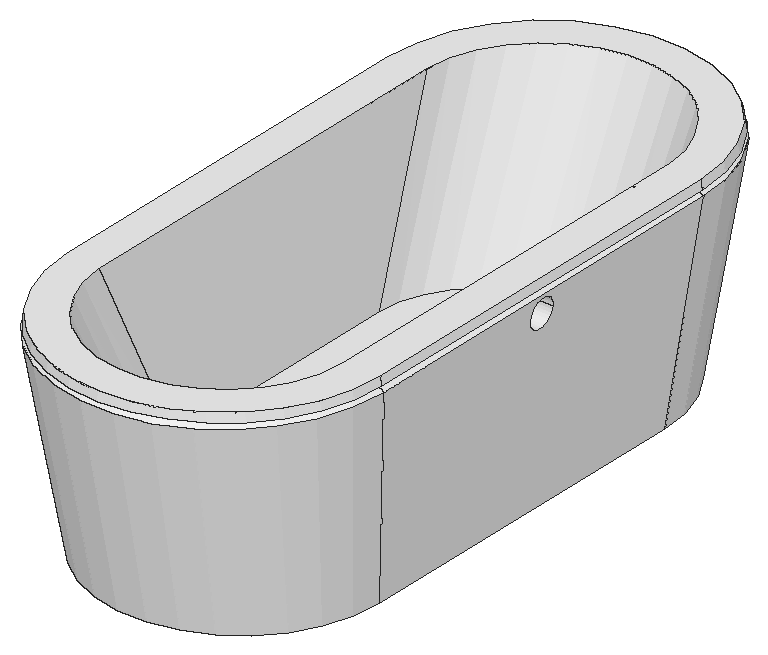
Revit family "Bathtub_Transitional_Nexus_FBF794S_TOTO", category Plumbing Fixtures, host Face, Revit 2013
Parameters
  ecoScorecard_data = " "
  ecoScorecard Product Page = "  "
  Width = 29 17/32"
  Waste Connection Radius = Waste Connection NPT / 2  # 1 1/2"
  Waste Connection NPT = 3"
  Waste Connection = yes
  Warranty URL = "http://www.totousa.com/warranty-registration"
  Warranty = "Lifetime Limited Warranty"
  WFU = 0
  Vent Connection = yes
  URL = "http://www.totousa.com"
  Toto BIM Number = "BM-00157"  # constant formula
  Subcategory = "Bathtubs"  # constant formula
  Style = "Transitional"  # constant formula
  Spec Sheet URL = "http://assets.totousa.com/product-files/SS-00472_FBF794S.pdf"
  Shipping Weight = 390.00 lbf
  Series = "Nexus"  # constant formula
  Product Page URL = " "
  Parts Manual URL = " "
  Owners Manual URL = "  "
  Model = "FBF794S#01D"  # constant formula
  Manufacturer Toll Free Phone = "1-888-295-8134"  # constant formula
  Manufacturer Phone = "(770) 282-8686 "  # constant formula
  Manufacturer Fax = "(770) 282-0002"  # constant formula
  Manufacturer Email = "mailto:custservice@totousa.com "
  Manufacturer Address = "1155 Southern Road, Morrow, Georgia 30260"  # constant formula
  Manufacturer = "TOTO USA, Inc."  # constant formula
  Height = 21 1/8"
  HWFU = 0
  HW Connection = no
  Finish = Metal - TOTO - Chrome - Polished
  Description = "Cast Iron Bathtub"  # constant formula
  Depth = 66 15/16"
  Default Elevation = 0"
  Cost Info = "mailto:custservice@totousa.com "
  Color Availability = "#01  Cotton"
  CWFU = 0
  CW Connection = no
  CAD Drawing URL = "http://assets.totousa.com/product-files/AD-00333_FBF794S.dxf"
  Bottom Plate = Metal - TOTO - LifeKoat - Brass - Polished
  Assembly Code = "D2010510"
  95 CSI = "15410"
  04 CSI = "22 41 19"
Reference planes (in)
  plane 1 "Center (Front/Back)": y = 0
  plane 2: z = 0
  plane 3 "Center (Left/Right)": x = 0
Dimensions and locks (in)
  aligned and locked: plane 2 to host face
  aligned and locked: level to host face
  aligned and locked: plane 3 "Center (Left/Right)" to nested 1
  aligned and locked: plane 1 "Center (Front/Back)" to nested 1
Nested families (in)
  nested 1: "FBF794S" at (0, 0, 0), type "FBF794S"
Connectors (in)
  piping at (0, 0, 0.59055), driven by "Waste Connection Radius"
    settings: on nested 1, index 1, connector radius 1 1/2", flow factor 0, pipe flow 0 GPM, pressure drop 0.00 psi, fitting loss kfactor 0, connector angle 0.00°, fixture units 0, engagement length 0", flow configuration 3, flow direction 2, fitting loss method 0, system type 16, joint type 0, gender type 0, connector reference index -1, connector utility 0, adjustable connector no, is connector primary yes, fitting loss table "", connector description "Waste Outlet Connection"
Definition of nested family "FBF794S"
  Parameters (values of type "FBF794S")
    ecoScorecard_data = ""
    ecoScorecard Product Page = ""
    Waste Connection Radius = Waste Connection NPT / 2  # 1 1/2"
    Waste Connection NPT = 3"
    Waste Connection = yes
    WFU = 0
    Vent Connection = yes
    URL = "http://www.totousa.com"
    Toto Version = "V.01"  # constant formula
    Toto BIM Number = "BM-00157"  # constant formula
    Subcategory = "Baths"  # constant formula
    Shipping Weight = 390.00 lbf
    Series = "Nexus"  # constant formula
    Product URL = "http://www.totousa.com/Default.aspx?TabId=75&ProductId=0f62a304-6f03-4786-b3a1-ed82694f167b&SearchId=2b23fb16-8c35-4b42-bd24-70517483f004&PTab=2&STab=0"
    Nominal Width = 29.52756"  # constant formula
    Nominal Length = 66.92913"  # constant formula
    Nominal Height = 21.12598"  # constant formula
    Model = "FBF794S#01D"  # constant formula
    Manufacturer = "TOTO USA, Inc."  # constant formula
    HWFU = 0
    HW Connection = no
    Finish = Metal - TOTO - Chrome - Polished
    Description = "Cast Iron Bathtub"
    Default Elevation = 0"
    CWFU = 0
    CW Connection = no
    CADworks URL = "http://www.CADworks.net"
    Assembly Code = "D2010510"
  Reference planes (in)
    plane 1 "Center (Front/Back)": y = 0
    plane 2: z = 0
    plane 3 "Center (Left/Right)": x = 0
    plane 4: x = -14.76378
    plane 5: x = 14.76378
    plane 6: y = 33.46457
    plane 7 "Wall Closure": y = -33.46457
    plane 8: z = 21.12598
    plane 9: z = 0.59055
    plane 10: z = 20.33858
    plane 11: z = 19.84252
    plane 12: z = 4.3937
    plane 13: z = 0.35433
    plane 14: z = 4.19685
    plane 15: z = 18.17323
  Forms (in)
    Extrusion 1, solid
      sketch origin (0, 0, 0) x (1, 0, 0) y (0, 1, 0)
        loop
          line (-48, 48) -> (-48, -48) -> (48, -48) -> (48, 48) -> (-48, 48)
      from 0 to -12
    Blend 2, solid, material "Metal - TOTO - Chrome - Polished" <- "Finish", detail levels medium+fine
      base sketch origin (-49.94318, -180, 20.33858) x (-1, 0, 0) y (0, -1, 0)
        loop
          arc (-35.1794, -161.29921) -> (-49.94318, -146.53543) -> (-64.70696, -161.29921) r 14.76378
          line (-64.70696, -161.29921) -> (-64.70696, -198.70079)
          arc (-64.70696, -198.70079) -> (-49.94318, -213.46457) -> (-35.1794, -198.70079) r 14.76378
          line (-35.1794, -198.70079) -> (-35.1794, -161.29921)
      top sketch origin (-49.94318, -180, 20.33858) x (-1, 0, 0) y (0, -1, 0)
        loop
          arc (-64.54948, -198.70079) -> (-49.94318, -213.30709) -> (-35.33688, -198.70079) r 14.6063
          line (-35.33688, -198.70079) -> (-35.33688, -161.29921)
          arc (-35.33688, -161.29921) -> (-49.94318, -146.69291) -> (-64.54948, -161.29921) r 14.6063
          line (-64.54948, -161.29921) -> (-64.54948, -198.70079)
      from 0 to 0.7874
    Blend 3, solid, material "Metal - TOTO - Chrome - Polished" <- "Finish", detail levels medium+fine
      base sketch origin (-49.94318, -180, 19.84252) x (-1, 0, 0) y (0, -1, 0)
        loop
          line (-35.06129, -198.70079) -> (-35.06129, -161.29921)
          arc (-35.06129, -161.29921) -> (-49.94318, -146.41732) -> (-64.82507, -161.29921) r 14.88189
          line (-64.82507, -161.29921) -> (-64.82507, -198.70079)
          arc (-64.82507, -198.70079) -> (-49.94318, -213.58268) -> (-35.06129, -198.70079) r 14.88189
      top sketch origin (-49.94318, -180, 19.84252) x (-1, 0, 0) y (0, -1, 0)
        loop
          arc (-64.19908, -198.70079) -> (-49.94318, -212.95669) -> (-35.68727, -198.70079) r 14.25591
          line (-35.68727, -198.70079) -> (-35.68727, -161.29921)
          arc (-35.68727, -161.29921) -> (-49.94318, -147.04331) -> (-64.19908, -161.29921) r 14.25591
          line (-64.19908, -161.29921) -> (-64.19908, -198.70079)
      from 0 to 0.49606
    Blend 4, solid, material "Metal - TOTO - Chrome - Polished" <- "Finish", detail levels medium+fine
      base sketch origin (-49.94318, -180, 0.59055) x (-1, 0, 0) y (0, -1, 0)
        loop
          line (-37.06916, -196.61417) -> (-37.06916, -163.38583)
          arc (-37.06916, -163.38583) -> (-49.94318, -150.51181) -> (-62.81719, -163.38583) r 12.87402
          line (-62.81719, -163.38583) -> (-62.81719, -196.61417)
          arc (-62.81719, -196.61417) -> (-49.94318, -209.48819) -> (-37.06916, -196.61417) r 12.87402
      top sketch origin (-49.94318, -180, 0.59055) x (-1, 0, 0) y (0, -1, 0)
        loop
          line (-35.06129, -198.70079) -> (-35.06129, -161.29921)
          arc (-35.06129, -161.29921) -> (-49.94318, -146.41732) -> (-64.82507, -161.29921) r 14.88189
          line (-64.82507, -161.29921) -> (-64.82507, -198.70079)
          arc (-64.82507, -198.70079) -> (-49.94318, -213.58268) -> (-35.06129, -198.70079) r 14.88189
      from 0 to 19.25197
    Blend 5, void
      base sketch origin (-49.94318, -180, 4.3937) x (0, -1, 0) y (1, 0, 0)
        loop
          arc (-191.89764, 39.88412) -> (-180, 39.7109) -> (-168.10236, 39.88412) r 408.66231
          arc (-168.10236, 39.88412) -> (-158.33202, 49.94318) -> (-168.10236, 60.00223) r 10.06332
          arc (-168.10236, 60.00223) -> (-180, 60.17546) -> (-191.89764, 60.00223) r 408.66231
          arc (-191.89764, 60.00223) -> (-201.66798, 49.94318) -> (-191.89764, 39.88412) r 10.06332
      top sketch origin (-49.94318, -180, 4.3937) x (0, -1, 0) y (1, 0, 0)
        loop
          arc (-199.11417, 61.28964) -> (-209.92217, 49.94318) -> (-199.11417, 38.59672) r 11.35987
          arc (-199.11417, 38.59672) -> (-180, 38.13216) -> (-160.88583, 38.59672) r 393.4497
          arc (-160.88583, 38.59672) -> (-150.07783, 49.94318) -> (-160.88583, 61.28964) r 11.35987
          arc (-160.88583, 61.28964) -> (-180, 61.7542) -> (-199.11417, 61.28964) r 393.4497
      from 0 to 16.73228
    Blend 6, solid, material "Metal - TOTO - Chrome - Polished" <- "Finish", detail levels medium+fine
      base sketch origin (-49.94318, -180, 0.35433) x (-1, 0, 0) y (0, -1, 0)
        loop
          circle (-42.06916, -196.73228) r 0.73819
      top sketch origin (-49.94318, -180, 0.35433) x (-1, 0, 0) y (0, -1, 0)
        loop
          circle (-42.06916, -196.73228) r 0.98425
      from 0 to 0.23622
    Blend 7, solid, material "Metal - TOTO - Chrome - Polished" <- "Finish", detail levels medium+fine
      base sketch origin (49.94318, -180, 0.35433) x (1, 0, 0) y (0, 1, 0)
        loop
          circle (-42.06916, 196.73228) r 0.73819
      top sketch origin (49.94318, -180, 0.35433) x (1, 0, 0) y (0, 1, 0)
        loop
          circle (-42.06916, 196.73228) r 0.98425
      from 0 to 0.23622
    Blend 8, solid, material "Metal - TOTO - Chrome - Polished" <- "Finish", detail levels medium+fine
      base sketch origin (-49.94318, 180, 0.35433) x (-1, 0, 0) y (0, -1, 0)
        loop
          circle (-42.06916, 196.73228) r 0.73819
      top sketch origin (-49.94318, 180, 0.35433) x (-1, 0, 0) y (0, -1, 0)
        loop
          circle (-42.06916, 196.73228) r 0.98425
      from 0 to 0.23622
    Blend 9, solid, material "Metal - TOTO - Chrome - Polished" <- "Finish", detail levels medium+fine
      base sketch origin (49.94318, 180, 0.35433) x (1, 0, 0) y (0, 1, 0)
        loop
          circle (-42.06916, -196.73228) r 0.73819
      top sketch origin (49.94318, 180, 0.35433) x (1, 0, 0) y (0, 1, 0)
        loop
          circle (-42.06916, -196.73228) r 0.98425
      from 0 to 0.23622
    Extrusion 10, solid, material "Metal - TOTO - Chrome - Polished" <- "Finish", detail levels medium+fine
      sketch origin (0, 0, 0) x (1, 0, 0) y (0, 1, 0)
        loop
          circle (-7.87402, 16.73228) r 0.73819
        loop
          circle (7.87402, 16.73228) r 0.73819
        loop
          circle (-7.87402, -16.73228) r 0.73819
        loop
          circle (7.87402, -16.73228) r 0.73819
      from 0 to 0.35433
    Blend 11, void
      base sketch origin (-49.94318, -180, 4.3937) x (0, -1, 0) y (1, 0, 0)
        loop
          arc (-191.79528, 43.43053) -> (-180, 43.24874) -> (-168.20472, 43.43053) r 382.76826
          arc (-168.20472, 43.43053) -> (-161.88976, 49.94318) -> (-168.20472, 56.45583) r 6.51575
          arc (-168.20472, 56.45583) -> (-180, 56.63762) -> (-191.79528, 56.45583) r 382.76826
          arc (-191.79528, 56.45583) -> (-198.11024, 49.94318) -> (-191.79528, 43.43053) r 6.51575
      top sketch origin (-49.94318, -180, 4.3937) x (0, -1, 0) y (1, 0, 0)
        loop
          arc (-179.42938, 47.97358) -> (-177.46276, 49.94318) -> (-179.42938, 51.91278) r 1.9696
          arc (-179.42938, 51.91278) -> (-180, 51.91321) -> (-180.57062, 51.91278) r 378.04385
          arc (-180.57062, 51.91278) -> (-182.53724, 49.94318) -> (-180.57062, 47.97358) r 1.9696
          arc (-180.57062, 47.97358) -> (-180, 47.97315) -> (-179.42938, 47.97358) r 378.04385
      from 0 to -0.19685
    Extrusion 12, void
      sketch origin (-49.94318, -180, 4.3937) x (0, -1, 0) y (-1, 0, 0)
        loop
          circle (-180, -49.94318) r 1.5
      from 0 to 3.80315
    Blend 13, void
      base sketch origin (-49.94318, -180, 4.3937) x (0, -1, 0) y (1, 0, 0)
        loop
          circle (-180, 49.94318) r 3.14961
      top sketch origin (-49.94318, -180, 4.3937) x (0, -1, 0) y (1, 0, 0)
        loop
          circle (-180, 49.94318) r 1.5
      from 0 to -0.59055
    Extrusion 14, void
      sketch origin (0, 0, 0) x (0, 1, 0) y (0, 0, 1)
        loop
          circle (0, 18.17323) r 1.37795
      from 0 to 15.74803
    Extrusion 15, solid, material "Metal - TOTO - Chrome - Polished" <- "Finish", detail levels coarse
      sketch origin (-49.94318, -180, 21.12598) x (-1, 0, 0) y (0, -1, 0)
        loop
          arc (-64.82507, -198.70079) -> (-49.94318, -213.58268) -> (-35.06129, -198.70079) r 14.88189
          line (-35.06129, -198.70079) -> (-35.06129, -161.29921)
          arc (-35.06129, -161.29921) -> (-49.94318, -146.41732) -> (-64.82507, -161.29921) r 14.88189
          line (-64.82507, -161.29921) -> (-64.82507, -198.70079)
      from 0 to -21.12598
  Cuts and joins
    Blend 5, Blend 11, Extrusion 12, Blend 13, Extrusion 14 cuts Blend 2
    Blend 5, Blend 11, Extrusion 12, Blend 13, Extrusion 14 cuts Blend 3
    Blend 5, Blend 11, Extrusion 12, Blend 13, Extrusion 14 cuts Blend 4
    joined: Blend 2, Blend 3, Blend 4
  Lines and regions (in)
    symbolic lines
      curve 1: arc (14.88189, 18.70079, 21.12598) -> (0, 33.58268, 21.12598) -> (-14.88189, 18.70079, 21.12598) r 14.88189
      curve 2: line (-14.88189, 18.70079, 21.12598) -> (-14.88189, -18.70079, 21.12598)
      curve 3: arc (-14.88189, -18.70079, 21.12598) -> (0, -33.58268, 21.12598) -> (14.88189, -18.70079, 21.12598) r 14.88189
      curve 4: line (14.88189, -18.70079, 21.12598) -> (14.88189, 18.70079, 21.12598)
    symbolic lines, detail levels medium+fine
      curve 5: arc (14.76378, -18.70079, 21.12598) -> (0, -33.46457, 21.12598) -> (-14.76378, -18.70079, 21.12598) r 14.76378
      curve 6: arc (-14.6063, -18.70079, 21.12598) -> (0, -33.30709, 21.12598) -> (14.6063, -18.70079, 21.12598) r 14.6063
      curve 7: line (-14.6063, 18.70079, 21.12598) -> (-14.6063, -18.70079, 21.12598)
      curve 8: line (-14.76378, -18.70079, 21.12598) -> (-14.76378, 18.70079, 21.12598)
      curve 9: arc (11.34646, -19.11417, 21.12598) -> (0, -29.92217, 21.12598) -> (-11.34646, -19.11417, 21.12598) r 11.35987
      curve 10: arc (-11.34646, -19.11417, 21.12598) -> (-11.81102, 0, 21.12598) -> (-11.34646, 19.11417, 21.12598) r 393.4497
      curve 11: line (14.76378, 18.70079, 21.12598) -> (14.76378, -18.70079, 21.12598)
      curve 12: line (14.6063, -18.70079, 21.12598) -> (14.6063, 18.70079, 21.12598)
      curve 13: arc (11.34646, 19.11417, 21.12598) -> (11.81102, 0, 21.12598) -> (11.34646, -19.11417, 21.12598) r 393.4497
      curve 14: arc (-10.05906, -11.89764, 21.12598) -> (0, -21.66798, 21.12598) -> (10.05906, -11.89764, 21.12598) r 10.06332
      curve 15: arc (10.05906, -11.89764, 21.12598) -> (10.23228, 0, 21.12598) -> (10.05906, 11.89764, 21.12598) r 408.66231
      curve 16: line (11.54842, -1.36508, 21.12598) -> (11.54419, 1.37018, 21.12598)
      curve 17: spline (11.54419, 1.37018, 21.12598) -> (11.57591, 1.29673, 21.12598) -> (11.60499, 1.14754, 21.12598) -> (11.62971, 0.93133, 21.12598) -> (11.64865, 0.66073, 21.12598) -> (11.66069, 0.35153, 21.12598) -> (11.66513, 0.02181, 21.12598) -> (11.66171, -0.30919, 21.12598) -> (11.65064, -0.62213, 21.12598) -> (11.63255, -0.89874, 21.12598) -> (11.6085, -1.12285, 21.12598) -> (11.5799, -1.28139, 21.12598) -> (11.54842, -1.36508, 21.12598)
      curve 18: arc (10.05906, 11.89764, 21.12598) -> (0, 21.66798, 21.12598) -> (-10.05906, 11.89764, 21.12598) r 10.06332
      curve 19: arc (-6.51265, 11.79528, 21.12598) -> (0, 18.11024, 21.12598) -> (6.51265, 11.79528, 21.12598) r 6.51575
      curve 20: arc (6.51265, 11.79528, 21.12598) -> (6.69444, 0, 21.12598) -> (6.51265, -11.79528, 21.12598) r 382.76826
      curve 21: spline (2.2446, 1.37682, 21.12598) -> (2.1156, 1.55743, 21.12598) -> (1.97225, 1.72688, 21.12598) -> (1.81551, 1.88404, 21.12598) -> (1.64644, 2.02785, 21.12598) -> (1.46616, 2.15734, 21.12598) -> (1.27588, 2.27166, 21.12598) -> (1.07689, 2.37002, 21.12598) -> (0.87052, 2.45177, 21.12598) -> (0.65815, 2.51637, 21.12598) -> (0.44121, 2.56337, 21.12598) -> (0.22115, 2.59247, 21.12598) -> (-0.00054, 2.60347, 21.12598)
      curve 22: spline (-0.00054, 2.60347, 21.12598) -> (-0.22215, 2.59243, 21.12598) -> (-0.44212, 2.56329, 21.12598) -> (-0.65897, 2.51626, 21.12598) -> (-0.87124, 2.45165, 21.12598) -> (-1.07751, 2.36988, 21.12598) -> (-1.2764, 2.27152, 21.12598) -> (-1.46657, 2.15721, 21.12598) -> (-1.64676, 2.02773, 21.12598) -> (-1.81575, 1.88394, 21.12598) -> (-1.9724, 1.72681, 21.12598) -> (-2.11568, 1.55738, 21.12598) -> (-2.24461, 1.37681, 21.12598)
      curve 23: spline (-2.2446, -1.37682, 21.12598) -> (-2.37544, -1.17027, 21.12598) -> (-2.48442, -0.95138, 21.12598) -> (-2.5704, -0.72246, 21.12598) -> (-2.63247, -0.48592, 21.12598) -> (-2.66997, -0.24425, 21.12598) -> (-2.68252, -0.00001, 21.12598) -> (-2.66997, 0.24424, 21.12598) -> (-2.63247, 0.4859, 21.12598) -> (-2.5704, 0.72245, 21.12598) -> (-2.48442, 0.95137, 21.12598) -> (-2.37544, 1.17026, 21.12598) -> (-2.24461, 1.37681, 21.12598)
      curve 24: spline (-2.2446, -1.37682, 21.12598) -> (-2.1156, -1.55743, 21.12598) -> (-1.97225, -1.72688, 21.12598) -> (-1.81551, -1.88404, 21.12598) -> (-1.64644, -2.02785, 21.12598) -> (-1.46616, -2.15734, 21.12598) -> (-1.27588, -2.27166, 21.12598) -> (-1.07689, -2.37002, 21.12598) -> (-0.87052, -2.45177, 21.12598) -> (-0.65815, -2.51637, 21.12598) -> (-0.44121, -2.56337, 21.12598) -> (-0.22115, -2.59247, 21.12598) -> (0.00054, -2.60347, 21.12598)
      curve 25: spline (0.00054, -2.60347, 21.12598) -> (0.22215, -2.59243, 21.12598) -> (0.44212, -2.56329, 21.12598) -> (0.65897, -2.51626, 21.12598) -> (0.87124, -2.45165, 21.12598) -> (1.07751, -2.36988, 21.12598) -> (1.2764, -2.27152, 21.12598) -> (1.46657, -2.15721, 21.12598) -> (1.64676, -2.02773, 21.12598) -> (1.81575, -1.88394, 21.12598) -> (1.9724, -1.72681, 21.12598) -> (2.11568, -1.55738, 21.12598) -> (2.24461, -1.37681, 21.12598)
      curve 26: spline (2.2446, 1.37682, 21.12598) -> (2.37544, 1.17027, 21.12598) -> (2.48442, 0.95138, 21.12598) -> (2.5704, 0.72246, 21.12598) -> (2.63247, 0.48592, 21.12598) -> (2.66997, 0.24425, 21.12598) -> (2.68252, 0.00001, 21.12598) -> (2.66997, -0.24424, 21.12598) -> (2.63247, -0.4859, 21.12598) -> (2.5704, -0.72245, 21.12598) -> (2.48442, -0.95137, 21.12598) -> (2.37544, -1.17026, 21.12598) -> (2.24461, -1.37681, 21.12598)
      curve 27: arc (0, -1.5, 21.12598) -> (-1.5, 0, 21.12598) -> (0, 1.5, 21.12598) r 1.5
      curve 28: arc (0, 1.5, 21.12598) -> (1.5, 0, 21.12598) -> (0, -1.5, 21.12598) r 1.5
      curve 29: arc (-6.51265, -11.79528, 21.12598) -> (-6.69444, 0, 21.12598) -> (-6.51265, 11.79528, 21.12598) r 382.76826
      curve 30: arc (6.51265, -11.79528, 21.12598) -> (0, -18.11024, 21.12598) -> (-6.51265, -11.79528, 21.12598) r 6.51575
      curve 31: arc (-10.05906, 11.89764, 21.12598) -> (-10.23228, 0, 21.12598) -> (-10.05906, -11.89764, 21.12598) r 408.66231
      curve 32: arc (-11.34646, 19.11417, 21.12598) -> (0, 29.92217, 21.12598) -> (11.34646, 19.11417, 21.12598) r 11.35987
      curve 33: arc (14.6063, 18.70079, 21.12598) -> (0, 33.30709, 21.12598) -> (-14.6063, 18.70079, 21.12598) r 14.6063
      curve 34: arc (-14.76378, 18.70079, 21.12598) -> (0, 33.46457, 21.12598) -> (14.76378, 18.70079, 21.12598) r 14.76378
      curve 39: line (14.6063, 0, 21.12598) -> (-14.6063, 0, 21.12598)
      curve 40: line (-14.76378, 0, 20.33858) -> (14.76378, 0, 20.33858)
      curve 41: line (14.88189, 0, 19.84252) -> (-14.88189, 0, 19.84252)
      curve 42: line (-12.87402, 0, 0.59055) -> (12.87402, 0, 0.59055)
      curve 43: line (-14.6063, 0, 21.12598) -> (-14.76378, 0, 20.33858)
      curve 44: line (-14.25591, 0, 20.33858) -> (-14.88189, 0, 19.84252)
      curve 45: line (-14.88189, 0, 19.84252) -> (-12.87402, 0, 0.59055)
      curve 46: line (12.87402, 0, 0.59055) -> (14.88189, 0, 19.84252)
      curve 47: line (14.25591, 0, 20.33858) -> (14.88189, 0, 19.84252)
      curve 48: line (14.6063, 0, 21.12598) -> (14.76378, 0, 20.33858)
      curve 49: line (7.13583, 0, 0.35433) -> (8.6122, 0, 0.35433)
      curve 50: line (8.6122, 0, 0.35433) -> (8.85827, 0, 0.59055)
      curve 51: line (8.6122, 0, 0.35433) -> (8.6122, 0, 0)
      curve 52: line (8.6122, 0, 0) -> (7.13583, 0, 0)
      curve 53: line (7.13583, 0, 0) -> (7.13583, 0, 0.35433)
      curve 54: line (7.13583, 0, 0.35433) -> (6.88976, 0, 0.59055)
      curve 55: line (-7.13583, 0, 0.35433) -> (-8.6122, 0, 0.35433)
      curve 56: line (-8.6122, 0, 0.35433) -> (-8.85827, 0, 0.59055)
      curve 57: line (-8.6122, 0, 0.35433) -> (-8.6122, 0, 0)
      curve 58: line (-8.6122, 0, 0) -> (-7.13583, 0, 0)
      curve 59: line (-7.13583, 0, 0) -> (-7.13583, 0, 0.35433)
      curve 60: line (-7.13583, 0, 0.35433) -> (-6.88976, 0, 0.59055)
      curve 65: line (0, 33.30709, 21.12598) -> (0, -33.30709, 21.12598)
      curve 66: line (0, -33.46457, 20.33858) -> (0, 33.46457, 20.33858)
      curve 67: line (0, -29.48819, 0.59055) -> (0, 29.48819, 0.59055)
      curve 68: line (0, -33.58268, 19.84252) -> (0, 33.58268, 19.84252)
      curve 69: line (0, 33.58268, 19.84252) -> (0, 29.48819, 0.59055)
      curve 70: line (0, 33.30709, 21.12598) -> (0, 33.46457, 20.33858)
      curve 71: line (0, 33.58268, 19.84252) -> (0, 32.96386, 20.33858)
      curve 72: line (0, -33.58268, 19.84252) -> (0, -32.96468, 20.33858)
      curve 73: line (0, -33.46457, 20.33858) -> (0, -33.30709, 21.12598)
      curve 74: line (0, -33.58268, 19.84252) -> (0, -29.48819, 0.59055)
      curve 75: line (0, -15.99409, 0.35433) -> (0, -17.47047, 0.35433)
      curve 76: line (0, -15.99409, 0) -> (0, -15.99409, 0.35433)
      curve 77: line (0, -17.47047, 0) -> (0, -15.99409, 0)
      curve 78: line (0, -17.47047, 0.35433) -> (0, -17.47047, 0)
      curve 79: line (0, -17.47047, 0.35433) -> (0, -17.70669, 0.59055)
      curve 80: line (0, -15.99409, 0.35433) -> (0, -15.75787, 0.59055)
      curve 81: line (0, 15.99409, 0.35433) -> (0, 17.47047, 0.35433)
      curve 82: line (0, 15.99409, 0) -> (0, 15.99409, 0.35433)
      curve 83: line (0, 17.47047, 0) -> (0, 15.99409, 0)
      curve 84: line (0, 17.47047, 0.35433) -> (0, 17.47047, 0)
      curve 85: line (0, 17.47047, 0.35433) -> (0, 17.70669, 0.59055)
      curve 86: line (0, 15.99409, 0.35433) -> (0, 15.75787, 0.59055)
    symbolic lines, detail levels coarse
      curve 35: line (-14.88189, 0, 21.12598) -> (14.88189, 0, 21.12598)
      curve 36: line (-14.88189, 0, 0) -> (-14.88189, 0, 21.12598)
      curve 37: line (14.88189, 0, 0) -> (-14.88189, 0, 0)
      curve 38: line (14.88189, 0, 21.12598) -> (14.88189, 0, 0)
      curve 61: line (0, 33.58268, 21.12598) -> (0, -33.58268, 21.12598)
      curve 62: line (0, 33.58268, 0) -> (0, 33.58268, 21.12598)
      curve 63: line (0, -33.58268, 0) -> (0, 33.58268, 0)
      curve 64: line (0, -33.58268, 21.12598) -> (0, -33.58268, 0)
  Dimensions and locks (in)
    "Nominal Width": plane 4 to plane 5
    equal spacing: plane 4, plane 3 "Center (Left/Right)", plane 5
    "Nominal Length": plane 6 to plane 7 "Wall Closure"
    equal spacing: plane 6, plane 1 "Center (Front/Back)", plane 7 "Wall Closure"
    "Nominal Height": plane 8 to plane 2
    locked: plane 8 to plane 9 at 20.53543
    locked: plane 8 to plane 10 at 0.7874
    locked: plane 10 to plane 11 at 0.49606
    Blend 2 sketch curve to plane 1 "Center (Front/Back)" to Blend 2 sketch curve = 18.70079" locked, 18.70079" locked  (x4)
    Blend 2 sketch curve to plane 3 "Center (Left/Right)" to Blend 2 sketch curve = 14.76378" locked, 14.76378" locked
    Blend 2 sketch curve to plane 3 "Center (Left/Right)" to Blend 2 sketch curve = 14.6063" locked, 14.6063" locked
    Blend 3 sketch curve to plane 1 "Center (Front/Back)" to Blend 3 sketch curve = 18.70079" locked, 18.70079" locked  (x4)
    Blend 3 sketch curve to plane 3 "Center (Left/Right)" to Blend 3 sketch curve = 14.88189" locked, 14.88189" locked
    Blend 3 sketch curve to plane 3 "Center (Left/Right)" to Blend 3 sketch curve = 14.25591" locked, 14.25591" locked
    locked: plane 8 to plane 12 at 16.73228
    Blend 4 sketch curve to plane 1 "Center (Front/Back)" to Blend 4 sketch curve = 16.61417" locked, 16.61417" locked  (x2)
    Blend 4 sketch curve to plane 3 "Center (Left/Right)" to Blend 4 sketch curve = 12.87402" locked, 12.87402" locked
    Blend 4 sketch curve to plane 1 "Center (Front/Back)" to Blend 4 sketch curve = 18.70079" locked, 18.70079" locked  (x2)
    Blend 4 sketch curve to plane 3 "Center (Left/Right)" to Blend 4 sketch curve = 14.88189" locked, 14.88189" locked
    locked: plane 9 to plane 13 at 0.23622
    locked: plane 1 "Center (Front/Back)" to Blend 6 sketch curve at 16.73228  (x2)
    locked: Blend 6 sketch curve to plane 3 "Center (Left/Right)" at 7.87402  (x2)
    locked: plane 3 "Center (Left/Right)" to Blend 7 sketch curve at 7.87402  (x2)
    locked: plane 1 "Center (Front/Back)" to Blend 7 sketch curve at 16.73228  (x2)
    locked: Blend 8 sketch curve to plane 3 "Center (Left/Right)" at 7.87402  (x2)
    locked: Blend 8 sketch curve to plane 1 "Center (Front/Back)" at 16.73228  (x2)
    locked: plane 3 "Center (Left/Right)" to Blend 9 sketch curve at 7.87402  (x2)
    locked: Blend 9 sketch curve to plane 1 "Center (Front/Back)" at 16.73228  (x2)
    Extrusion 10 sketch curve to plane 1 "Center (Front/Back)" to Extrusion 10 sketch curve = 16.73228" locked, 16.73228" locked  (x2)
    Extrusion 10 sketch curve to plane 3 "Center (Left/Right)" to Extrusion 10 sketch curve = 7.87402" locked, 7.87402" locked  (x2)
    Blend 5 sketch curve to plane 1 "Center (Front/Back)" to Blend 5 sketch curve = 11.89764" locked, 11.89764" locked  (x2)
    Blend 5 sketch curve to plane 3 "Center (Left/Right)" to Blend 5 sketch curve = 10.05906" locked, 10.05906" locked  (x2)
    Blend 5 sketch curve to plane 1 "Center (Front/Back)" to Blend 5 sketch curve = 19.11417" locked, 19.11417" locked  (x2)
    Blend 5 sketch curve to plane 3 "Center (Left/Right)" to Blend 5 sketch curve = 11.34646" locked, 11.34646" locked  (x2)
    locked: plane 12 to plane 14 at 0.19685
    locked: plane 8 to plane 15 at 2.95276
    locked: Extrusion 12 sketch curve to plane 3 "Center (Left/Right)" at 0
    locked: Extrusion 12 sketch curve to plane 1 "Center (Front/Back)" at 0
    locked: plane 12 to cut or joined group of Blend 2, Blend 3, Blend 4, Blend 5, Blend 11, Extrusion 12, Blend 13, Extrusion 14 at 0.59055
    locked: plane 14 to cut or joined group of Blend 2, Blend 3, Blend 4, Blend 5, Blend 11, Extrusion 12, Blend 13, Extrusion 14 at 0.3937
    locked: Blend 13 sketch curve to plane 3 "Center (Left/Right)" at 0  (x2)
    locked: Blend 13 sketch curve to plane 1 "Center (Front/Back)" at 0  (x2)
    Blend 11 sketch curve to plane 1 "Center (Front/Back)" to Blend 11 sketch curve = 11.79528" locked, 11.79528" locked  (x2)
    Blend 11 sketch curve to plane 3 "Center (Left/Right)" to Blend 11 sketch curve = 6.51265" locked, 6.51265" locked  (x2)
    equal spacing: Blend 11 sketch curve, plane 1 "Center (Front/Back)", Blend 11 sketch curve
    Blend 11 sketch curve to plane 1 "Center (Front/Back)" to Blend 11 sketch curve = 0.57062" locked, 0.57062" locked
    Blend 11 sketch curve to plane 3 "Center (Left/Right)" to Blend 11 sketch curve = 1.9696" locked, 1.9696" locked  (x2)
    locked: Extrusion 14 sketch curve to plane 1 "Center (Front/Back)" at 0
    locked: Extrusion 14 sketch curve to plane 15
    locked: cut or joined group of Blend 2, Blend 3, Blend 4, Blend 5, Blend 11, Extrusion 12, Blend 13, Extrusion 14 to plane 3 "Center (Left/Right)" at 15.74803
    locked: plane 5 to cut or joined group of Blend 2, Blend 3, Blend 4, Blend 5, Blend 11, Extrusion 12, Blend 13, Extrusion 14 at 0.98425
    radius of Blend 2 sketch curve = 14.76378"  (x2)
    radius of Blend 2 sketch curve = 14.6063"  (x2)
    radius of Blend 3 sketch curve = 14.88189"  (x2)
    radius of Blend 3 sketch curve = 14.25591"  (x2)
    radius of Blend 4 sketch curve = 12.87402"  (x2)
    radius of Blend 4 sketch curve = 14.88189"  (x2)
    radius of Blend 6 sketch curve = 0.73819"
    radius of Blend 6 sketch curve = 0.98425"
    radius of Blend 7 sketch curve = 0.73819"
    radius of Blend 7 sketch curve = 0.98425"
    radius of Blend 8 sketch curve = 0.73819"
    radius of Blend 8 sketch curve = 0.98425"
    radius of Blend 9 sketch curve = 0.73819"
    radius of Blend 9 sketch curve = 0.98425"
    radius of Extrusion 10 sketch curve = 0.73819"  (x4)
    radius of Blend 5 sketch curve = 10.06332"  (x2)
    radius of Blend 5 sketch curve = 408.66231"  (x2)
    radius of Blend 5 sketch curve = 11.35987"  (x2)
    radius of Blend 5 sketch curve = 393.4497"  (x2)
    "Waste Connection Radius": radius of Extrusion 12 sketch curve
    radius of Blend 13 sketch curve = 3.14961"
    "Waste Connection Radius": radius of Blend 13 sketch curve
    radius of Blend 11 sketch curve = 6.51575"  (x2)
    radius of Blend 11 sketch curve = 382.76826"  (x2)
    radius of Blend 11 sketch curve = 1.9696"  (x2)
    radius of Blend 11 sketch curve = 378.04385"  (x2)
    radius of Extrusion 14 sketch curve = 1.37795"
    aligned and locked: plane 2 to Extrusion 1
    aligned and locked: level to Extrusion 1
    aligned and locked: plane 8 to Blend 2
    aligned and locked: Blend 2 to plane 10
    aligned and locked: plane 10 to Blend 3
    aligned and locked: Blend 3 to plane 11
    aligned and locked: plane 11 to Blend 4
    aligned and locked: Blend 4 to plane 9
    aligned and locked: plane 8 to Blend 5
    aligned and locked: cut or joined group of Blend 2, Blend 3, Blend 4, Blend 5, Blend 11, Extrusion 12, Blend 13, Extrusion 14 to plane 12
    aligned and locked: plane 9 to Blend 6
    aligned and locked: Blend 6 to plane 13
    aligned and locked: plane 9 to Blend 7
    aligned and locked: Blend 7 to plane 13
    aligned and locked: plane 9 to Blend 8
    aligned and locked: Blend 8 to plane 13
    aligned and locked: plane 9 to Blend 9
    aligned and locked: Blend 9 to plane 13
    aligned and locked: plane 13 to Extrusion 10
    aligned and locked: Extrusion 10 to plane 2
    aligned and locked: plane 12 to cut or joined group of Blend 2, Blend 3, Blend 4, Blend 5, Blend 11, Extrusion 12, Blend 13, Extrusion 14  (x3)
    aligned and locked: cut or joined group of Blend 2, Blend 3, Blend 4, Blend 5, Blend 11, Extrusion 12, Blend 13, Extrusion 14 to plane 14
    aligned: plane 12 to cut or joined group of Blend 2, Blend 3, Blend 4, Blend 5, Blend 11, Extrusion 12, Blend 13, Extrusion 14
    aligned: Extrusion 12 to plane 9
    aligned and locked: cut or joined group of Blend 2, Blend 3, Blend 4, Blend 5, Blend 11, Extrusion 12, Blend 13, Extrusion 14 to plane 9
    aligned and locked: cut or joined group of Blend 2, Blend 3, Blend 4, Blend 5, Blend 11, Extrusion 12, Blend 13, Extrusion 14 to plane 3 "Center (Left/Right)"
  Automatic sketch dimensions
    curve 74 to plane 11 = 0"
    curve 61 to plane 8 = 0"
    curve 64 to level = 0"
    curve 66 to plane 7 "Wall Closure" = 0"
    curve 65 to plane 8 = 0"
    curve 72 to plane 10 = 0"
    curve 67 to plane 9 = 0"
    curve 77 to level = 0"
    curve 79 to plane 13 = 0"
    curve 86 to plane 13 = 0"
    curve 82 to level = 0"
    curve 66 to plane 6 = 0"
    plane 7 "Wall Closure" to curve 64 = 0.11811"
    curve 65 to plane 7 "Wall Closure" = 0.15748"
    curve 66 to curve 72 = 0.49989"
    curve 67 to plane 7 "Wall Closure" = 3.97638"
    curve 67 to curve 79 = 11.7815"
    curve 79 to curve 77 = 0.23622"
    curve 75 to curve 76 = 1.47638"
    curve 75 to curve 80 = 0.23622"
    curve 86 to plane 1 "Center (Front/Back)" = 15.75787"
    curve 86 to curve 86 = 0.23622"
    curve 81 to curve 84 = 1.47638"
    curve 81 to curve 85 = 0.23622"
    curve 67 to plane 6 = 3.97638"
    curve 71 to curve 66 = 0.50071"
    curve 70 to plane 6 = 0.15748"
    plane 6 to curve 69 = 0.11811"
    curve 35 to plane 8 = 0"
    curve 41 to plane 11 = 0"
    curve 36 to level = 0"
    curve 43 to plane 4 = 0"
    curve 39 to plane 8 = 0"
    curve 44 to plane 10 = 0"
    curve 42 to plane 9 = 0"
    curve 57 to level = 0"
    curve 56 to plane 13 = 0"
    curve 54 to plane 13 = 0"
    curve 52 to level = 0"
    plane 5 to curve 40 = 0"
    curve 45 to plane 4 = 0.11811"
    plane 4 to curve 39 = 0.15748"
    plane 4 to curve 44 = 0.50787"
    plane 4 to curve 42 = 1.88976"
    curve 42 to curve 56 = 4.01575"
    curve 56 to curve 57 = 0.24606"
    curve 57 to curve 59 = 1.47638"
    curve 55 to curve 60 = 0.24606"
    plane 3 "Center (Left/Right)" to curve 54 = 6.88976"
    curve 54 to curve 54 = 0.24606"
    curve 52 to curve 51 = 1.47638"
    curve 49 to curve 50 = 0.24606"
    plane 5 to curve 42 = 1.88976"
    plane 5 to curve 47 = 0.50787"
    plane 5 to curve 48 = 0.15748"
    curve 41 to plane 5 = 0.11811"
    Extrusion 1 sketch curve to Extrusion 1 sketch curve = 96"  (x2)
    Blend 11 sketch curve to plane 1 "Center (Front/Back)" = 0"
    Blend 11 sketch curve to Blend 11 sketch curve = 0"
    curve 1 to curve 33 = 0"  (x2)
    curve 1 to curve 34 = 0"  (x2)
    curve 3 to curve 5 = 0"  (x2)
    curve 3 to curve 6 = 0"  (x2)
    curve 5 to curve 6 = 0"  (x2)
    curve 27 to curve 28 = 0"  (x2)
    curve 33 to curve 34 = 0"  (x2)
    plane 1 "Center (Front/Back)" to curve 31 = 0"
    plane 1 "Center (Front/Back)" to curve 10 = 0"
    plane 1 "Center (Front/Back)" to curve 29 = 0"
    curve 11 to plane 5 = 0"
    curve 18 to plane 3 "Center (Left/Right)" = 0"
    curve 34 to plane 3 "Center (Left/Right)" = 0"
    curve 19 to plane 3 "Center (Left/Right)" = 0"
    curve 32 to plane 3 "Center (Left/Right)" = 0"
    plane 1 "Center (Front/Back)" to curve 27 = 0"
    curve 27 to plane 3 "Center (Left/Right)" = 0"
    curve 14 to plane 3 "Center (Left/Right)" = 0"
    curve 30 to plane 3 "Center (Left/Right)" = 0"
    curve 9 to plane 3 "Center (Left/Right)" = 0"
    curve 20 to plane 1 "Center (Front/Back)" = 0"
    curve 13 to plane 1 "Center (Front/Back)" = 0"
    curve 15 to plane 1 "Center (Front/Back)" = 0"
    curve 3 to curve 5 = 0.11811"
    curve 29 to plane 5 = 361.31004"
    curve 10 to curve 29 = 5.56486"
    curve 31 to curve 10 = 16.79135"
    curve 11 to curve 12 = 0.15748"
    plane 1 "Center (Front/Back)" to curve 16 = 1.36508"
    plane 5 to curve 16 = 3.21536"
    curve 17 to plane 1 "Center (Front/Back)" = 1.37018"
    curve 16 to curve 17 = 0.00423"
    curve 17 to curve 17 = 0.01785"
    curve 12 to curve 9 = 3.25984"
    curve 12 to curve 32 = 3.25984"
    curve 13 to curve 9 = 0"
    curve 13 to curve 32 = 0"
    plane 5 to curve 14 = 4.70472"
    plane 5 to curve 15 = 4.70472"
    curve 15 to curve 14 = 0"
    curve 18 to curve 15 = 0"
    curve 18 to curve 19 = 3.5464"
    curve 14 to curve 20 = 3.5464"
    curve 30 to curve 20 = 0"
    curve 20 to curve 19 = 0"
    curve 25 to plane 1 "Center (Front/Back)" = 0.12137"
    plane 3 "Center (Left/Right)" to curve 25 = 2.68635"
    curve 25 to curve 21 = 0.14864"
    curve 21 to curve 25 = 0.2931"
    curve 25 to curve 21 = 0.44174"
    curve 26 to plane 1 "Center (Front/Back)" = 0"
    plane 3 "Center (Left/Right)" to curve 26 = 0.30333"
    plane 3 "Center (Left/Right)" to curve 22 = 0.02336"
    plane 3 "Center (Left/Right)" to curve 24 = 0.02324"
    plane 3 "Center (Left/Right)" to curve 25 = 0.00054"
    curve 21 to plane 3 "Center (Left/Right)" = 0.00054"
    curve 21 to plane 3 "Center (Left/Right)" = 0.02324"
    curve 25 to plane 3 "Center (Left/Right)" = 0.02336"
    plane 1 "Center (Front/Back)" to curve 23 = 0"
    curve 21 to curve 23 = 0.28009"
    plane 1 "Center (Front/Back)" to curve 23 = 1.37682"
    curve 23 to plane 3 "Center (Left/Right)" = 2.2446"
    curve 22 to plane 1 "Center (Front/Back)" = 1.37681"
    curve 23 to curve 24 = 0.2931"
    plane 1 "Center (Front/Back)" to curve 22 = 0.12137"
    curve 24 to curve 22 = 0.14864"
    curve 29 to curve 30 = 0"
    curve 31 to curve 14 = 0"
    curve 32 to curve 7 = 3.25984"
    curve 10 to curve 32 = 0"
    curve 20 to curve 13 = 5.56486"
    curve 13 to curve 15 = 16.79135"
    curve 19 to curve 22 = 8.99102"
    curve 18 to curve 19 = 0.01017"
    curve 32 to curve 18 = 6.95764"
    curve 32 to curve 8 = 0.41339"
    curve 22 to curve 23 = 0.222"
    curve 23 to curve 28 = 0.88147"
    curve 26 to curve 25 = 1.25545"
    plane 1 "Center (Front/Back)" to curve 17 = 0"
    curve 26 to curve 25 = 0.222"
    curve 6 to curve 13 = 0.41339"
    Extrusion 15 sketch curve to plane 3 "Center (Left/Right)" = 0"
    Extrusion 15 sketch curve to plane 5 = 0.11811"
    Extrusion 15 sketch curve to plane 6 = 14.76378"
    Extrusion 15 sketch curve to plane 7 "Wall Closure" = 14.76378"
